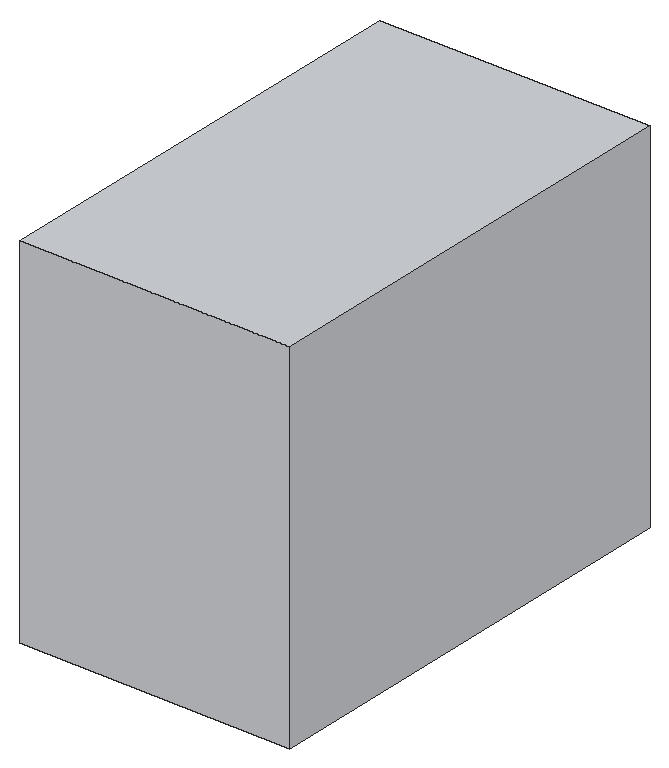
Revit family "XXX_RLT-Gerät_Leerteil", category HLS-Bauteile, Revit 2014
Parameters (values of type "Allgemein")
  Breite = 500 mm
  Druckverlust [instance] = 0.00 in-wg
  Länge = 300 mm
  Höhe = 400 mm
  Widerstandsbeiwert [instance] = 0
Reference planes
  plane 1 "Mitte (Vorne/Hinten)": y = 0
  plane 2: z = 0
  plane 3 "Mitte (Links/Rechts)": x = 0
  plane 4: y = 250
  plane 5: y = -250
  plane 6: x = -150
  plane 7: x = 150
  plane 8: z = 200
  plane 9: z = -200
  plane 10: z = 230
  plane 11: y = -280
  plane 12: z = -230
  plane 13: y = 280
  plane 14: x = -145
  plane 15: x = 145
Forms (mm)
  Extrusion 1, solid, detail levels medium+fine
    sketch origin (-150, 397.271, 1219.2) x (0, 1, 0) y (0, 0, 1)
      loop
        line (-147.271, -1019.2) -> (-647.271, -1019.2) -> (-647.271, -1419.2) -> (-147.271, -1419.2) -> (-147.271, -1019.2)
    from 0 to 300
Lines and regions (mm)
  model lines, detail levels coarse
    curve 1: line (-150, 250, 0) -> (150, 250, 0)
    curve 2: line (-150, -250, 0) -> (-150, 250, 0)
    curve 3: line (150, -250, 0) -> (-150, -250, 0)
    curve 4: line (150, 250, 0) -> (150, -250, 0)
    curve 5: line (-150, 0, 200) -> (150, 0, 200)
    curve 6: line (-150, 0, -200) -> (-150, 0, 200)
    curve 7: line (150, 0, -200) -> (-150, 0, -200)
    curve 8: line (150, 0, 200) -> (150, 0, -200)
    curve 9: line (0, 250, 200) -> (0, -250, 200)
    curve 10: line (0, 250, -200) -> (0, 250, 200)
    curve 11: line (0, -250, -200) -> (0, 250, -200)
    curve 12: line (0, -250, 200) -> (0, -250, -200)
Dimensions and locks
  equal spacing: plane 6, plane 3 "Mitte (Links/Rechts)", plane 7
  "Länge": plane 6 to plane 7
  equal spacing: plane 5, plane 1 "Mitte (Vorne/Hinten)", plane 4
  equal spacing: plane 8, level, plane 9
  "Höhe": plane 8 to plane 9
  "Breite": plane 5 to plane 4
  plane 10 to plane 8 = 30 mm
  plane 12 to plane 9 = 30 mm
  plane 13 to plane 4 = 30 mm
  plane 5 to plane 11 = 30 mm
  plane 6 to plane 14 = 5 mm
  plane 15 to plane 7 = 5 mm
  aligned and locked: plane 2 to level
  aligned and locked: plane 7 to Extrusion 1
  aligned and locked: Extrusion 1 to plane 6
  aligned and locked: plane 8 to Extrusion 1
  aligned and locked: plane 9 to Extrusion 1
  aligned and locked: plane 5 to Extrusion 1
  aligned and locked: plane 4 to Extrusion 1
  aligned and locked: curve 1 to Extrusion 1
  aligned and locked: curve 2 to Extrusion 1
  aligned and locked: curve 3 to Extrusion 1
  aligned and locked: curve 4 to Extrusion 1
  aligned and locked: curve 5 to Extrusion 1
  aligned and locked: curve 6 to Extrusion 1
  aligned and locked: curve 7 to Extrusion 1
  aligned and locked: curve 8 to Extrusion 1
  aligned and locked: curve 9 to Extrusion 1
  aligned and locked: curve 11 to Extrusion 1
Automatic sketch dimensions
  Extrusion 1 sketch curve to plane 5 = 0 mm
  Extrusion 1 sketch curve to plane 4 = 0 mm
  plane 9 to Extrusion 1 sketch curve = 0 mm
  Extrusion 1 sketch curve to plane 8 = 0 mm
  curve 9 to plane 5 = 0 mm
  curve 11 to plane 4 = 0 mm
Connectors
  hvac at (-150, 0, 0), driven by "Widerstandsbeiwert", driven by "Höhe", driven by "Breite"
    settings: on Extrusion 1, index 1, duct flow 0 CFM, flow factor 0, pres drop 0.00 in-wg, loss coef 0, conn angle 0.00°, conn width 500 mm, conn height 400 mm, conn diameter 609.6 mm, duct sys type 29, conn prof type 1, flow config 0, flow direction 0, loss method 6, conn ref index 2, conn util no, is conn primary yes, conn desc ""
  hvac at (150, 0, 0), driven by "Widerstandsbeiwert", driven by "Breite", driven by "Höhe"
    settings: on Extrusion 1, index 2, duct flow 0 CFM, flow factor 0, pres drop 0.00 in-wg, loss coef 0, conn angle 0.00°, conn width 500 mm, conn height 400 mm, conn diameter 609.6 mm, duct sys type 29, conn prof type 1, flow config 0, flow direction 0, loss method 6, conn ref index 1, conn util no, is conn primary no, conn desc ""
